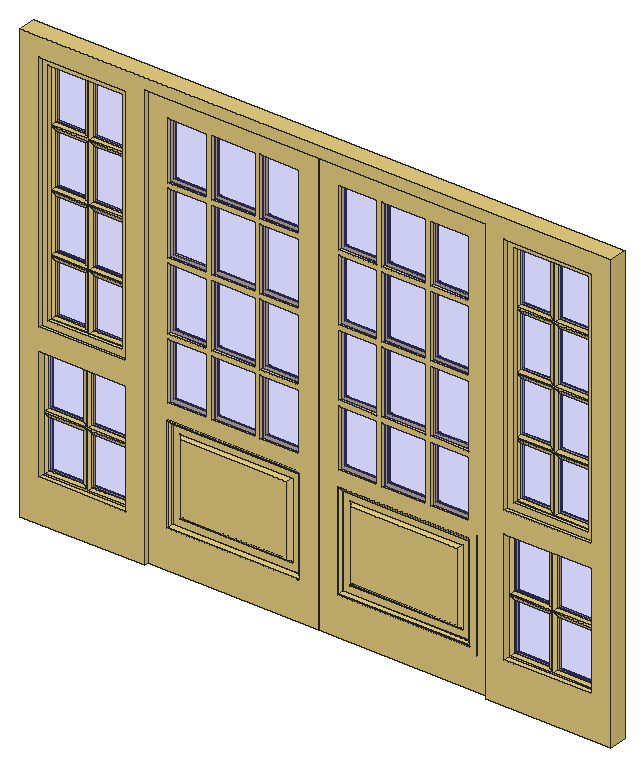
Revit family "DTI_A3-2100X2837-Cottage-L12RP", category Doors, host Wall, Revit 2016
Family settings
  Host = Wall
  Always vertical = Yes
  Cut with Voids When Loaded = No
  Shared = No
  Room Calculation Point = No
Parameters (values of type "2100 x 2837 Cottage Pane - L12RP")
  URL = "http://www.kparkerjoinery.co.za/"
  Side Width = 90 mm
  Panel Width = Width - 1200 mm  # 1637 mm
  Panel Height = Height - Frame Width  # 2045 mm
  Model = "Side Light Doors"
  Manufacturer Code = "Cottage Pane - L12RP"
  Manufacturer = "K. Parker Joinery"
  Height = 2100 mm
  Wall Closure = By host
  Width = 2837 mm
  Half = Panel Width / 2  # 818.5 mm
  Glass Material = Glass
  Function = Interior
  Frame Width = 55 mm
  Frame Thickness = 85 mm
  Frame Material = Kiln Dried Wood
  Assembly Code = "B2030130"
Reference planes
  plane 1 "Center": y = 0
  plane 2 "Center (Left/Right)": x = 0
  plane 3 "Left": x = -1418.5
  plane 4 "Right": x = 1418.5
  plane 5: z = 2100
  plane 6 "Exterior": y = 75
  plane 7 "Interior": y = -75
  plane 8: x = 818.5
  plane 9: x = -818.5
  plane 10: z = 742
  plane 11: z = 471
  plane 12: z = 200
  plane 13: z = 1989
  plane 14: x = 1307.5
  plane 15: x = 1118.5
  plane 16: z = 868
  plane 17: z = 1708.75
  plane 18: x = 929.5
  plane 19: z = 1428.5
  plane 20: z = 1148.25
  plane 21: x = -1307.5
  plane 22: x = -1118.5
  plane 23: x = -929.5
Forms (mm)
  Sweep 1, solid, material "Kiln Dried Wood" <- "Frame Material"
    path origin (0, 0, 0) x (1, 0, 0) y (0, 0, 1)
      loop
        line (818.5, 2100) -> (-818.5, 2100)
    profile origin (0, 0, 2100) x (0, 0, -1) y (0, -1, 0)
      loop
        line (0, -42.5) -> (55, -42.5) -> (55, 42.5) -> (0, 42.5) -> (0, -42.5)
  Sweep 2, solid, material "Kiln Dried Wood" <- "Frame Material"
    path origin (0, 0, 0) x (1, 0, 0) y (0, 0, 1)
      loop
        line (818.5, 0) -> (818.5, 2100) -> (1418.5, 2100) -> (1418.5, 0)
    profile origin (818.5, 0, 1050) x (-1, 0, 0) y (0, -1, 0)
      loop
        line (0, -42.5) -> (0, 42.5) -> (-90, 42.5) -> (-90, -42.5) -> (0, -42.5)
  Sweep 3, solid, material "Kiln Dried Wood" <- "Frame Material"
    path origin (0, 0, 0) x (1, 0, 0) y (0, 0, 1)
      loop
        line (-1418.5, 0) -> (-1418.5, 2100) -> (-818.5, 2100) -> (-818.5, 0)
    profile origin (-818.5, 0, 1050) x (0, -1, 0) y (1, 0, 0)
      loop
        line (-42.5, -90) -> (42.5, -90) -> (42.5, 0) -> (-42.5, 0) -> (-42.5, -90)
  Sweep 4, solid, material "Kiln Dried Wood" <- "Frame Material"
    path origin (0, 0, 0) x (1, 0, 0) y (0, 0, 1)
      loop
        line (1418.5, 0) -> (818.5, 0)
    profile origin (1118.5, 0, 0) x (0, 0, -1) y (0, -1, 0)
      loop
        line (-200, -42.5) -> (0, -42.5) -> (0, 42.5) -> (-200, 42.5) -> (-200, -42.5)
  Sweep 5, solid, material "Kiln Dried Wood" <- "Frame Material"
    path origin (0, 0, 0) x (-1, 0, 0) y (0, 0, 1)
      loop
        line (1418.5, 0) -> (818.5, 0)
    profile origin (-1118.5, 0, 0) x (0, 0, -1) y (0, 1, 0)
      loop
        line (-200, 42.5) -> (-200, -42.5) -> (0, -42.5) -> (0, 42.5) -> (-200, 42.5)
  Sweep 6, solid, material "Kiln Dried Wood" <- "Frame Material"
    path origin (0, 0, 0) x (1, 0, 0) y (0, 0, 1)
      loop
        line (1418.5, 742) -> (818.5, 742)
    profile origin (1118.5, 0, 742) x (0, 0, -1) y (0, -1, 0)
      loop
        line (-105, -42.5) -> (0, -42.5) -> (0, 42.5) -> (-105, 42.5) -> (-105, -42.5)
  Sweep 7, solid, material "Kiln Dried Wood" <- "Frame Material"
    path origin (0, 0, 0) x (-1, 0, 0) y (0, 0, 1)
      loop
        line (1418.5, 742) -> (818.5, 742)
    profile origin (-1118.5, 0, 742) x (0, 0, -1) y (0, 1, 0)
      loop
        line (-105, 42.5) -> (-105, -42.5) -> (0, -42.5) -> (0, 42.5) -> (-105, 42.5)
  Sweep 8, solid, material "Kiln Dried Wood" <- "Frame Material"
    path origin (0, 0, 0) x (1, 0, 0) y (0, 0, 1)
      loop
        line (1328.5, 742) -> (908.5, 742) -> (908.5, 200) -> (1328.5, 200) -> (1328.5, 742)
    profile "Side Light 1 : Side Light 1" origin (1118.5, 0, 742) x (0, 0, -1) y (0, -1, 0)
      loop
        line (0, -15) -> (5, -15) -> (21.783, -9.035) -> (21.783, -4.035) -> (11.783, -4.035) -> (11.783, 4.035) -> (21.783, 4.035) -> (21.783, 9.035) -> (5, 15) -> (0, 15) -> (0, -15)
  Extrusion 9, solid, material "Glass" <- "Glass Material"
    sketch origin (0, 0, 0) x (1, 0, 0) y (0, 1, 0)
      loop
        line (920.283, 4.035) -> (920.283, -4.035) -> (1316.717, -4.035) -> (1316.717, 4.035) -> (920.283, 4.035)
    from 211.783 to 730.217
  Sweep 10, solid, material "Kiln Dried Wood" <- "Frame Material"
    path origin (0, 0, 0) x (1, 0, 0) y (0, 0, 1)
      loop
        line (-908.5, 742) -> (-1328.5, 742) -> (-1328.5, 200) -> (-908.5, 200) -> (-908.5, 742)
    profile "Side Light 1 : Side Light 1" origin (-1118.5, 0, 742) x (0, 0, -1) y (0, -1, 0)
      loop
        line (0, -15) -> (5, -15) -> (21.783, -9.035) -> (21.783, -4.035) -> (11.783, -4.035) -> (11.783, 4.035) -> (21.783, 4.035) -> (21.783, 9.035) -> (5, 15) -> (0, 15) -> (0, -15)
  Extrusion 11, solid, material "Glass" <- "Glass Material"
    sketch origin (0, 0, 0) x (1, 0, 0) y (0, 1, 0)
      loop
        line (-1316.717, 4.035) -> (-1316.717, -4.035) -> (-920.283, -4.035) -> (-920.283, 4.035) -> (-1316.717, 4.035)
    from 211.783 to 730.217
  Sweep 12, solid, material "Kiln Dried Wood" <- "Frame Material"
    path origin (0, 0, 0) x (1, 0, 0) y (0, 0, 1)
      loop
        line (1328.5, 2010) -> (908.5, 2010) -> (908.5, 847) -> (1328.5, 847) -> (1328.5, 2010)
    profile "Side Light 2 : Side Light 2" origin (1118.5, 0, 2010) x (0, 0, -1) y (0, -1, 0)
      loop
        line (21, 4.953) -> (21, -25.047) -> (29.217, -25.047) -> (46, -19.082) -> (46, -14.082) -> (36, -14.082) -> (36, -6.013) -> (46, -6.013) -> (46, -1.013) -> (29.217, 4.953) -> (21, 4.953)
      loop
        line (0, -25) -> (20, -25) -> (20, 5.953) -> (30, 5.953) -> (30, 25) -> (0, 25) -> (0, -25)
  Sweep 13, solid, material "Kiln Dried Wood" <- "Frame Material"
    path origin (0, 0, 0) x (1, 0, 0) y (0, 0, 1)
      loop
        line (-908.5, 2010) -> (-1328.5, 2010) -> (-1328.5, 847) -> (-908.5, 847) -> (-908.5, 2010)
    profile "Side Light 2 : Side Light 2" origin (-1118.5, 0, 2010) x (0, 0, -1) y (0, -1, 0)
      loop
        line (21, 4.953) -> (21, -25.047) -> (29.217, -25.047) -> (46, -19.082) -> (46, -14.082) -> (36, -14.082) -> (36, -6.013) -> (46, -6.013) -> (46, -1.013) -> (29.217, 4.953) -> (21, 4.953)
      loop
        line (0, -25) -> (20, -25) -> (20, 5.953) -> (30, 5.953) -> (30, 25) -> (0, 25) -> (0, -25)
  Extrusion 14, solid, material "Glass" <- "Glass Material"
    sketch origin (0, 0, 0) x (1, 0, 0) y (0, 1, 0)
      loop
        line (-1292.5, 14.082) -> (-1292.5, 6.013) -> (-944.5, 6.013) -> (-944.5, 14.082) -> (-1292.5, 14.082)
      loop
        line (944.5, 14.082) -> (944.5, 6.013) -> (1292.5, 6.013) -> (1292.5, 14.082) -> (944.5, 14.082)
    from 883 to 1974
  Sweep 15, solid, material "Kiln Dried Wood" <- "Frame Material"
    path origin (0, 0, 0) x (1, 0, 0) y (0, 0, 1)
      loop
        line (1328.5, 471) -> (908.5, 471)
    profile "Side Light S 1 : Side Light S 1" origin (1118.5, 0, 471) x (0, 0, -1) y (0, -1, 0)
      loop
        line (-19.283, -9.035) -> (-2.5, -15) -> (2.5, -15) -> (19.283, -9.035) -> (19.283, -4.035) -> (9.283, -4.035) -> (9.283, 4.035) -> (19.283, 4.035) -> (19.283, 9.035) -> (2.5, 15) -> (-2.5, 15) -> (-19.283, 9.035) -> (-19.283, 4.035) -> (-9.283, 4.035) -> (-9.283, -4.035) -> (-19.283, -4.035) -> (-19.283, -9.035)
  Sweep 16, solid, material "Kiln Dried Wood" <- "Frame Material"
    path origin (444, 0, 1386) x (0, 0, -1) y (1, 0, 0)
      loop
        line (1186, 674.5) -> (644, 674.5)
    profile "Side Light S 1 : Side Light S 1" origin (1118.5, 0, 471) x (-1, 0, 0) y (0, -1, 0)
      loop
        line (-19.283, -9.035) -> (-2.5, -15) -> (2.5, -15) -> (19.283, -9.035) -> (19.283, -4.035) -> (9.283, -4.035) -> (9.283, 4.035) -> (19.283, 4.035) -> (19.283, 9.035) -> (2.5, 15) -> (-2.5, 15) -> (-19.283, 9.035) -> (-19.283, 4.035) -> (-9.283, 4.035) -> (-9.283, -4.035) -> (-19.283, -4.035) -> (-19.283, -9.035)
  Sweep 17, solid, material "Kiln Dried Wood" <- "Frame Material"
    path origin (0, 0, 0) x (-1, 0, 0) y (0, 0, 1)
      loop
        line (1328.5, 471) -> (908.5, 471)
    profile "Side Light S 1 : Side Light S 1" origin (-1118.5, 0, 471) x (0, 0, -1) y (0, 1, 0)
      loop
        line (19.283, -9.035) -> (19.283, -4.035) -> (9.283, -4.035) -> (9.283, 4.035) -> (19.283, 4.035) -> (19.283, 9.035) -> (2.5, 15) -> (-2.5, 15) -> (-19.283, 9.035) -> (-19.283, 4.035) -> (-9.283, 4.035) -> (-9.283, -4.035) -> (-19.283, -4.035) -> (-19.283, -9.035) -> (-2.5, -15) -> (2.5, -15) -> (19.283, -9.035)
  Sweep 18, solid, material "Kiln Dried Wood" <- "Frame Material"
    path origin (-444, 0, 1386) x (0, 0, -1) y (-1, 0, 0)
      loop
        line (1186, 674.5) -> (644, 674.5)
    profile "Side Light S 1 : Side Light S 1" origin (-1118.5, 0, 471) x (1, 0, 0) y (0, 1, 0)
      loop
        line (19.283, -9.035) -> (19.283, -4.035) -> (9.283, -4.035) -> (9.283, 4.035) -> (19.283, 4.035) -> (19.283, 9.035) -> (2.5, 15) -> (-2.5, 15) -> (-19.283, 9.035) -> (-19.283, 4.035) -> (-9.283, 4.035) -> (-9.283, -4.035) -> (-19.283, -4.035) -> (-19.283, -9.035) -> (-2.5, -15) -> (2.5, -15) -> (19.283, -9.035)
  Sweep 19, solid, material "Kiln Dried Wood" <- "Frame Material"
    path origin (0, 0, 0) x (1, 0, 0) y (0, 0, 1)
      loop
        line (-929.5, 1148.25) -> (-1307.5, 1148.25)
    profile "Side Light S 2 : Side Light S 2" origin (-1118.5, 0, 1148.25) x (0, 0, -1) y (0, -1, 0)
      loop
        line (2.5, -25.043) -> (19.283, -19.078) -> (19.283, -14.078) -> (9.283, -14.078) -> (9.283, -6.008) -> (19.283, -6.008) -> (19.283, -1.008) -> (2.5, 4.957) -> (-2.5, 4.957) -> (-19.283, -1.008) -> (-19.283, -6.008) -> (-9.283, -6.008) -> (-9.283, -14.078) -> (-19.283, -14.078) -> (-19.283, -19.078) -> (-2.5, -25.043) -> (2.5, -25.043)
  Sweep 20, solid, material "Kiln Dried Wood" <- "Frame Material"
    path origin (-2063.25, 0, 233.25) x (0, 0, -1) y (1, 0, 0)
      loop
        line (-634.75, 944.75) -> (-1755.75, 944.75)
    profile "Side Light S 2 : Side Light S 2" origin (-1118.5, 0, 1428.5) x (-1, 0, 0) y (0, -1, 0)
      loop
        line (2.5, -25.043) -> (19.283, -19.078) -> (19.283, -14.078) -> (9.283, -14.078) -> (9.283, -6.008) -> (19.283, -6.008) -> (19.283, -1.008) -> (2.5, 4.957) -> (-2.5, 4.957) -> (-19.283, -1.008) -> (-19.283, -6.008) -> (-9.283, -6.008) -> (-9.283, -14.078) -> (-19.283, -14.078) -> (-19.283, -19.078) -> (-2.5, -25.043) -> (2.5, -25.043)
  Sweep 21, solid, material "Kiln Dried Wood" <- "Frame Material"
    path origin (0, 0, 280.25) x (1, 0, 0) y (0, 0, 1)
      loop
        line (-929.5, 1148.25) -> (-1307.5, 1148.25)
    profile "Side Light S 2 : Side Light S 2" origin (-1118.5, 0, 1428.5) x (0, 0, -1) y (0, -1, 0)
      loop
        line (2.5, -25.043) -> (19.283, -19.078) -> (19.283, -14.078) -> (9.283, -14.078) -> (9.283, -6.008) -> (19.283, -6.008) -> (19.283, -1.008) -> (2.5, 4.957) -> (-2.5, 4.957) -> (-19.283, -1.008) -> (-19.283, -6.008) -> (-9.283, -6.008) -> (-9.283, -14.078) -> (-19.283, -14.078) -> (-19.283, -19.078) -> (-2.5, -25.043) -> (2.5, -25.043)
  Sweep 22, solid, material "Kiln Dried Wood" <- "Frame Material"
    path origin (0, 0, 560.5) x (1, 0, 0) y (0, 0, 1)
      loop
        line (-929.5, 1148.25) -> (-1307.5, 1148.25)
    profile "Side Light S 2 : Side Light S 2" origin (-1118.5, 0, 1708.75) x (0, 0, -1) y (0, -1, 0)
      loop
        line (2.5, -25.043) -> (19.283, -19.078) -> (19.283, -14.078) -> (9.283, -14.078) -> (9.283, -6.008) -> (19.283, -6.008) -> (19.283, -1.008) -> (2.5, 4.957) -> (-2.5, 4.957) -> (-19.283, -1.008) -> (-19.283, -6.008) -> (-9.283, -6.008) -> (-9.283, -14.078) -> (-19.283, -14.078) -> (-19.283, -19.078) -> (-2.5, -25.043) -> (2.5, -25.043)
  Sweep 23, solid, material "Kiln Dried Wood" <- "Frame Material"
    path origin (1860, 0, 0) x (1, 0, 0) y (0, 0, 1)
      loop
        line (-552.5, 1148.25) -> (-930.5, 1148.25)
    profile "Side Light S 2 : Side Light S 2" origin (1118.5, 0, 1148.25) x (0, 0, -1) y (0, -1, 0)
      loop
        line (2.5, -25.043) -> (19.283, -19.078) -> (19.283, -14.078) -> (9.283, -14.078) -> (9.283, -6.008) -> (19.283, -6.008) -> (19.283, -1.008) -> (2.5, 4.957) -> (-2.5, 4.957) -> (-19.283, -1.008) -> (-19.283, -6.008) -> (-9.283, -6.008) -> (-9.283, -14.078) -> (-19.283, -14.078) -> (-19.283, -19.078) -> (-2.5, -25.043) -> (2.5, -25.043)
  Sweep 24, solid, material "Kiln Dried Wood" <- "Frame Material"
    path origin (-203.25, 0, 233.25) x (0, 0, -1) y (1, 0, 0)
      loop
        line (-634.75, 1321.75) -> (-1755.75, 1321.75)
    profile "Side Light S 2 : Side Light S 2" origin (1118.5, 0, 1428.5) x (-1, 0, 0) y (0, -1, 0)
      loop
        line (2.5, -25.043) -> (19.283, -19.078) -> (19.283, -14.078) -> (9.283, -14.078) -> (9.283, -6.008) -> (19.283, -6.008) -> (19.283, -1.008) -> (2.5, 4.957) -> (-2.5, 4.957) -> (-19.283, -1.008) -> (-19.283, -6.008) -> (-9.283, -6.008) -> (-9.283, -14.078) -> (-19.283, -14.078) -> (-19.283, -19.078) -> (-2.5, -25.043) -> (2.5, -25.043)
  Sweep 25, solid, material "Kiln Dried Wood" <- "Frame Material"
    path origin (1860, 0, 280.25) x (1, 0, 0) y (0, 0, 1)
      loop
        line (-552.5, 1148.25) -> (-930.5, 1148.25)
    profile "Side Light S 2 : Side Light S 2" origin (1118.5, 0, 1428.5) x (0, 0, -1) y (0, -1, 0)
      loop
        line (2.5, -25.043) -> (19.283, -19.078) -> (19.283, -14.078) -> (9.283, -14.078) -> (9.283, -6.008) -> (19.283, -6.008) -> (19.283, -1.008) -> (2.5, 4.957) -> (-2.5, 4.957) -> (-19.283, -1.008) -> (-19.283, -6.008) -> (-9.283, -6.008) -> (-9.283, -14.078) -> (-19.283, -14.078) -> (-19.283, -19.078) -> (-2.5, -25.043) -> (2.5, -25.043)
  Sweep 26, solid, material "Kiln Dried Wood" <- "Frame Material"
    path origin (1860, 0, 560.5) x (1, 0, 0) y (0, 0, 1)
      loop
        line (-552.5, 1148.25) -> (-930.5, 1148.25)
    profile "Side Light S 2 : Side Light S 2" origin (1118.5, 0, 1708.75) x (0, 0, -1) y (0, -1, 0)
      loop
        line (2.5, -25.043) -> (19.283, -19.078) -> (19.283, -14.078) -> (9.283, -14.078) -> (9.283, -6.008) -> (19.283, -6.008) -> (19.283, -1.008) -> (2.5, 4.957) -> (-2.5, 4.957) -> (-19.283, -1.008) -> (-19.283, -6.008) -> (-9.283, -6.008) -> (-9.283, -14.078) -> (-19.283, -14.078) -> (-19.283, -19.078) -> (-2.5, -25.043) -> (2.5, -25.043)
Cuts and joins
  joined: Sweep 1, Sweep 2, Sweep 3, Sweep 4, Sweep 5, Sweep 6, Sweep 7
  joined: Sweep 8, Sweep 15, Sweep 16
  joined: Sweep 10, Sweep 17, Sweep 18
  joined: Sweep 12, Sweep 23, Sweep 24, Sweep 25, Sweep 26
  joined: Sweep 13, Sweep 19, Sweep 20, Sweep 21, Sweep 22
Lines and regions (mm)
  Opening 1
    outline origin (-3050, -75, 0) x (1, 0, 0) y (0, 0, 1)
      loop
        line (1631.5, 0) -> (4468.5, 0) -> (4468.5, 2100) -> (1631.5, 2100) -> (1631.5, 0)
  symbolic lines, style "Elevation Swing"
    curve 1: line (1328.5, 0, 2010) -> (908.5, 0, 1428.5)
    curve 2: line (1328.5, 0, 847) -> (908.5, 0, 1428.5)
    curve 3: line (-1328.5, 0, 2010) -> (-908.5, 0, 1428.5)
    curve 4: line (-1328.5, 0, 847) -> (-908.5, 0, 1428.5)
    curve 5: line (818.5, 0, 2045) -> (0, 0, 1022.5)
    curve 6: line (0, 0, 1022.5) -> (818.5, 0, 0)
    curve 7: line (-818.5, 0, 2045) -> (0, 0, 1022.5)
    curve 8: line (-818.5, 0, 0) -> (0, 0, 1022.5)
  symbolic lines, style "Plan Swing"
    curve 9: line (-818.5, 22, 0) -> (-774.5, 22, 0)
    curve 10: line (-818.5, 840.5, 0) -> (-818.5, 22, 0)
    curve 11: line (-774.5, 840.5, 0) -> (-818.5, 840.5, 0)
    curve 12: line (-774.5, 22, 0) -> (-774.5, 840.5, 0)
    curve 13: line (818.5, 22, 0) -> (774.5, 22, 0)
    curve 14: line (818.5, 840.5, 0) -> (818.5, 22, 0)
    curve 15: line (774.5, 840.5, 0) -> (818.5, 840.5, 0)
    curve 16: line (774.5, 22, 0) -> (774.5, 840.5, 0)
    curve 17: arc (-818.5, 840.5, 0) -> (-239.733, 600.767, 0) -> (0, 22, 0) r 818.5
    curve 18: arc (818.5, 840.5, 0) -> (239.733, 600.767, 0) -> (0, 22, 0) r 818.5
Text (mm)
  text "Exterior" at (-2295.016, 1099.543, 0), in view "Ref. Level"
  text "Exterior" at (0, 1615.38, 3698.081), in view "Left"
  text "Exterior" at (0, 1036.032, 3874.932), in view "Right"
Dimensions and locks
  equal spacing: plane 3 "Left", plane 2 "Center (Left/Right)", plane 4 "Right"
  "Width": plane 3 "Left" to plane 4 "Right"
  "Height": plane 5 to host wall
  locked: plane 6 "Exterior" to host wall at 0
  locked: plane 7 "Interior" to host wall
  locked: plane 8 to plane 4 "Right" at 600
  locked: plane 9 to plane 3 "Left" at 600
  "Frame Width": Sweep 1 sketch curve to Sweep 1 sketch curve
  equal spacing: Sweep 1 sketch curve, profile plane, Sweep 1 sketch curve
  "Frame Thickness": Sweep 1 sketch curve to Sweep 1 sketch curve
  "Side Width": Sweep 2 sketch curve to Sweep 2 sketch curve
  equal spacing: Sweep 2 sketch curve, profile plane, Sweep 2 sketch curve
  "Frame Thickness": Sweep 2 sketch curve to Sweep 2 sketch curve
  equal spacing: Sweep 3 sketch curve, profile plane, Sweep 3 sketch curve
  "Frame Thickness": Sweep 3 sketch curve to Sweep 3 sketch curve
  "Side Width": Sweep 3 sketch curve to Sweep 3 sketch curve
  locked: Sweep 4 sketch curve to Sweep 4 sketch curve at 200
  locked: Sweep 5 sketch curve to Sweep 5 sketch curve at 200
  locked: level to plane 10 at 742
  locked: Sweep 6 sketch curve to Sweep 6 sketch curve at 105
  locked: Sweep 7 sketch curve to Sweep 7 sketch curve at 105
  equal spacing: plane 12, plane 11, plane 10
  locked: plane 10 to plane 16 at 126
  locked: plane 13 to plane 5 at 111
  locked: plane 4 "Right" to plane 14 at 111
  equal spacing: plane 8, plane 15, plane 4 "Right"
  locked: plane 8 to plane 18 at 111
  locked: plane 3 "Left" to plane 21 at 111
  equal spacing: plane 9, plane 22, plane 3 "Left"
  locked: plane 9 to plane 23 at 111
  equal spacing: plane 16, plane 20, plane 19, plane 17, plane 13
  "Half": curve 11 to curve 9
  aligned and locked: plane 3 "Left" to Opening 1 sketch curve
  aligned and locked: plane 5 to Opening 1 sketch curve  (x2)
  aligned and locked: Opening 1 sketch curve to plane 4 "Right"
  aligned and locked: Opening 1 sketch curve to level
  aligned and locked: plane 1 "Center" to host wall
  aligned and locked: plane 5 to Sweep 1 sketch curve
  aligned and locked: Sweep 1 sketch curve to profile plane
  aligned and locked: level to Sweep 2 sketch curve  (x2)
  aligned and locked: Sweep 2 sketch curve to plane 8
  aligned and locked: profile plane to Sweep 2 sketch curve
  aligned and locked: level to Sweep 3 sketch curve  (x2)
  aligned and locked: Sweep 3 sketch curve to plane 9
  aligned and locked: profile plane to Sweep 3 sketch curve
  aligned and locked: plane 8 to Sweep 1 sketch curve
  aligned and locked: plane 9 to Sweep 1 sketch curve
  aligned and locked: plane 5 to Sweep 2 sketch curve
  aligned and locked: Sweep 2 sketch curve to plane 4 "Right"
  aligned and locked: plane 5 to Sweep 3 sketch curve
  aligned and locked: Sweep 3 sketch curve to plane 3 "Left"
  aligned and locked: plane 4 "Right" to Sweep 4 sketch curve
  aligned and locked: plane 8 to Sweep 4 sketch curve
  aligned and locked: Sweep 4 sketch curve to level
  aligned and locked: profile plane to Sweep 4 sketch curve
  aligned and locked: Sweep 4 sketch curve to cut or joined group of Sweep 1, Sweep 2, Sweep 3, Sweep 4, Sweep 5, Sweep 6, Sweep 7  (x2)
  aligned and locked: profile plane to Sweep 5 sketch curve
  aligned and locked: plane 9 to Sweep 5 sketch curve
  aligned and locked: plane 3 "Left" to Sweep 5 sketch curve
  aligned and locked: level to Sweep 5 sketch curve
  aligned and locked: Sweep 5 sketch curve to cut or joined group of Sweep 1, Sweep 2, Sweep 3, Sweep 4, Sweep 5, Sweep 6, Sweep 7  (x2)
  aligned and locked: plane 4 "Right" to Sweep 6 sketch curve
  aligned and locked: plane 8 to Sweep 6 sketch curve
  aligned and locked: Sweep 6 sketch curve to plane 10
  aligned and locked: profile plane to Sweep 6 sketch curve
  aligned and locked: Sweep 6 sketch curve to cut or joined group of Sweep 1, Sweep 2, Sweep 3, Sweep 4, Sweep 5, Sweep 6, Sweep 7  (x2)
  aligned and locked: profile plane to Sweep 7 sketch curve
  aligned and locked: plane 9 to Sweep 7 sketch curve
  aligned and locked: plane 3 "Left" to Sweep 7 sketch curve
  aligned and locked: plane 10 to Sweep 7 sketch curve
  aligned and locked: Sweep 7 sketch curve to cut or joined group of Sweep 1, Sweep 2, Sweep 3, Sweep 4, Sweep 5, Sweep 6, Sweep 7  (x2)
  aligned and locked: cut or joined group of Sweep 1, Sweep 2, Sweep 3, Sweep 4, Sweep 5, Sweep 6, Sweep 7 to Sweep 8 sketch curve  (x2)
  aligned and locked: Sweep 8 sketch curve to cut or joined group of Sweep 1, Sweep 2, Sweep 3, Sweep 4, Sweep 5, Sweep 6, Sweep 7  (x2)
  aligned and locked: Sweep 8 to Extrusion 9 sketch curve
  aligned and locked: Extrusion 9 sketch curve to Sweep 8  (x3)
  aligned and locked: Extrusion 9 to Sweep 8  (x2)
  aligned and locked: cut or joined group of Sweep 1, Sweep 2, Sweep 3, Sweep 4, Sweep 5, Sweep 6, Sweep 7 to Sweep 10 sketch curve  (x3)
  aligned and locked: Sweep 10 sketch curve to cut or joined group of Sweep 1, Sweep 2, Sweep 3, Sweep 4, Sweep 5, Sweep 6, Sweep 7
  aligned and locked: Sweep 10 to Extrusion 11 sketch curve
  aligned and locked: Extrusion 11 sketch curve to Sweep 10  (x3)
  aligned and locked: Extrusion 11 to Sweep 8  (x2)
  aligned and locked: cut or joined group of Sweep 1, Sweep 2, Sweep 3, Sweep 4, Sweep 5, Sweep 6, Sweep 7 to Sweep 12 sketch curve  (x3)
  aligned and locked: Sweep 12 sketch curve to cut or joined group of Sweep 1, Sweep 2, Sweep 3, Sweep 4, Sweep 5, Sweep 6, Sweep 7
  aligned and locked: cut or joined group of Sweep 1, Sweep 2, Sweep 3, Sweep 4, Sweep 5, Sweep 6, Sweep 7 to Sweep 13 sketch curve  (x2)
  aligned and locked: Sweep 13 sketch curve to cut or joined group of Sweep 1, Sweep 2, Sweep 3, Sweep 4, Sweep 5, Sweep 6, Sweep 7  (x2)
  aligned and locked: Sweep 13 to Extrusion 14 sketch curve
  aligned and locked: Extrusion 14 sketch curve to Sweep 13  (x3)
  aligned and locked: Sweep 12 to Extrusion 14 sketch curve
  aligned and locked: Extrusion 14 sketch curve to Sweep 12  (x3)
  aligned and locked: Extrusion 14 to Sweep 12  (x2)
  aligned and locked: curve 1 to cut or joined group of Sweep 1, Sweep 2, Sweep 3, Sweep 4, Sweep 5, Sweep 6, Sweep 7
  aligned and locked: cut or joined group of Sweep 1, Sweep 2, Sweep 3, Sweep 4, Sweep 5, Sweep 6, Sweep 7 to curve 1
  aligned and locked: curve 2 to cut or joined group of Sweep 1, Sweep 2, Sweep 3, Sweep 4, Sweep 5, Sweep 6, Sweep 7
  aligned and locked: cut or joined group of Sweep 1, Sweep 2, Sweep 3, Sweep 4, Sweep 5, Sweep 6, Sweep 7 to curve 3
  aligned and locked: curve 3 to cut or joined group of Sweep 1, Sweep 2, Sweep 3, Sweep 4, Sweep 5, Sweep 6, Sweep 7
  aligned and locked: curve 4 to cut or joined group of Sweep 1, Sweep 2, Sweep 3, Sweep 4, Sweep 5, Sweep 6, Sweep 7
  aligned and locked: cut or joined group of Sweep 1, Sweep 2, Sweep 3, Sweep 4, Sweep 5, Sweep 6, Sweep 7 to Sweep 15 sketch curve  (x2)
  aligned and locked: Sweep 15 sketch curve to plane 11
  aligned and locked: Sweep 8 to Sweep 16 sketch curve  (x2)
  aligned and locked: cut or joined group of Sweep 1, Sweep 2, Sweep 3, Sweep 4, Sweep 5, Sweep 6, Sweep 7 to Sweep 17 sketch curve  (x2)
  aligned and locked: plane 11 to Sweep 17 sketch curve
  aligned and locked: Sweep 10 to Sweep 18 sketch curve  (x2)
  aligned and locked: Sweep 18 sketch curve to plane 22
  aligned and locked: plane 23 to Sweep 19 sketch curve
  aligned and locked: Sweep 19 sketch curve to plane 21
  aligned and locked: Sweep 19 sketch curve to plane 20
  aligned and locked: plane 23 to Sweep 21 sketch curve
  aligned and locked: Sweep 21 sketch curve to plane 21
  aligned and locked: Sweep 21 sketch curve to plane 19
  aligned and locked: plane 23 to Sweep 22 sketch curve
  aligned and locked: Sweep 22 sketch curve to plane 21
  aligned and locked: Sweep 22 sketch curve to plane 17
  aligned and locked: plane 13 to Sweep 20 sketch curve
  aligned and locked: plane 16 to Sweep 20 sketch curve
  aligned and locked: Sweep 20 sketch curve to plane 22
  aligned and locked: Sweep 23 sketch curve to plane 18
  aligned and locked: plane 14 to Sweep 23 sketch curve
  aligned and locked: Sweep 23 sketch curve to plane 20
  aligned and locked: plane 13 to Sweep 24 sketch curve
  aligned and locked: plane 16 to Sweep 24 sketch curve
  aligned and locked: plane 15 to Sweep 24 sketch curve
  aligned and locked: plane 14 to Sweep 25 sketch curve
  aligned and locked: Sweep 25 sketch curve to plane 18
  aligned and locked: Sweep 25 sketch curve to plane 19
  aligned and locked: Sweep 26 sketch curve to plane 18
  aligned and locked: plane 14 to Sweep 26 sketch curve
  aligned and locked: Sweep 26 sketch curve to plane 17
  aligned and locked: nested 1 to plane 2 "Center (Left/Right)"
  aligned and locked: nested 1 to plane 1 "Center"
  aligned and locked: curve 11 to curve 15
Automatic sketch dimensions
  Sweep 16 sketch curve to plane 15 = 0 mm
  curve 7 to plane 9 = 0 mm
  curve 8 to level = 0 mm
  curve 8 to plane 9 = 0 mm
  curve 8 to plane 2 "Center (Left/Right)" = 0 mm
  curve 5 to plane 8 = 0 mm
  curve 6 to level = 0 mm
  curve 6 to plane 8 = 0 mm
  curve 3 to plane 19 = 0 mm
  curve 1 to plane 19 = 0 mm
  plane 16 to curve 2 = 21 mm
  plane 16 to curve 4 = 21 mm
  curve 5 to plane 20 = 125.75 mm
  curve 3 to plane 13 = 21 mm
  curve 1 to plane 13 = 21 mm
  plane 5 to curve 5 = 55 mm
  plane 5 to curve 7 = 55 mm
  curve 17 to plane 2 "Center (Left/Right)" = 0 mm
  curve 18 to plane 2 "Center (Left/Right)" = 0 mm
  curve 18 to plane 8 = 0 mm
  curve 12 to plane 9 = 44 mm
  curve 15 to plane 8 = 44 mm
  curve 9 to host wall = 22 mm
  curve 16 to host wall = 22 mm
Nested families
  nested 1: "L12RP - Double" at (0, 0, 0) x (-1, 0, 0) z (0, 0, 1), type "L12RP - Double", detail levels medium+fine
    with Width 1637 mm, Height 2045 mm
Definition of nested family "L12RP - Double"
  Parameters
    Width = 1613 mm
    Height = 2032 mm
    Glass Material = none
    Frame Material = none
  Reference planes
    plane 1 "Center (Front/Back)": y = 0
    plane 2: z = 0
    plane 3 "Center (Left/Right)": x = 0
    plane 4: x = -806.5
    plane 5: x = 806.5
    plane 6: z = 2032
    plane 7: z = 1972
    plane 8: z = 155
    plane 9: z = 1354.667
    plane 10: z = 677.333
    plane 11: z = 682.583
    plane 12: z = 672.083
    plane 13: x = -746.5
    plane 14: x = -60
    plane 15: x = 60
    plane 16: x = 746.5
    plane 17: x = -517.667
    plane 18: z = 1004.938
    plane 19: x = 517.667
    plane 20: z = 1327.292
    plane 21: z = 1649.646
    plane 22: x = -288.833
    plane 23: x = 288.833
  Forms (mm)
    Sweep 1, solid, material <- "Frame Material"
      path origin (0, 0, 0) x (1, 0, 0) y (0, 0, 1)
        loop
          line (-806.5, 0) -> (0, 0)
      profile "Solid B : Solid B" origin (-403.25, 0, 0) x (0, 0, 1) y (0, -1, 0)
        loop
          line (0, -22) -> (185, -22) -> (185, -20) -> (200, -11) -> (200, -6) -> (155, -6) -> (155, 6) -> (200, 6) -> (200, 11) -> (185, 20) -> (185, 22) -> (0, 22) -> (0, -22)
    Sweep 2, solid, material <- "Frame Material"
      path origin (0, 0, 0) x (1, 0, 0) y (0, 0, 1)
        loop
          line (-806.5, 677.333) -> (-806.5, 2032) -> (0, 2032) -> (0, 677.333)
      profile "Glass T : Glass T" origin (-403.25, 0, 2032) x (0, 0, 1) y (0, -1, 0)
        loop
          line (0, -22) -> (0, 22) -> (-95, 22) -> (-95, 20)
          arc (-95, 20) -> (-100.657, 17.657) -> (-103, 12) r 8
          line (-103, 12) -> (-105, 12) -> (-105, 2) -> (-60, 2) -> (-60, -10) -> (-96, -10) -> (-96, -22) -> (0, -22)
    Extrusion 3, solid, material <- "Glass Material"
      sketch origin (0, 0, 0) x (1, 0, 0) y (0, 1, 0)
        loop
          line (-746.5, 10) -> (-746.5, -2) -> (-60, -2) -> (-60, 10) -> (-746.5, 10)
      from 682.583 to 1972
    Sweep 4, solid, material <- "Frame Material"
      path origin (0, 0, 0) x (1, 0, 0) y (0, 0, 1)
        loop
          line (0, 677.333) -> (0, 2032) -> (806.5, 2032) -> (806.5, 677.333)
      profile "Glass T : Glass T" origin (403.25, 0, 2032) x (0, 0, 1) y (0, -1, 0)
        loop
          line (0, -22) -> (0, 22) -> (-95, 22) -> (-95, 20)
          arc (-95, 20) -> (-100.657, 17.657) -> (-103, 12) r 8
          line (-103, 12) -> (-105, 12) -> (-105, 2) -> (-60, 2) -> (-60, -10) -> (-96, -10) -> (-96, -22) -> (0, -22)
    Sweep 5, solid, material <- "Frame Material"
      path origin (0, 0, 0) x (1, 0, 0) y (0, 0, 1)
        loop
          line (0, 0) -> (806.5, 0)
      profile "Solid B : Solid B" origin (403.25, 0, 0) x (0, 0, 1) y (0, -1, 0)
        loop
          line (0, -22) -> (185, -22) -> (185, -20) -> (200, -11) -> (200, -6) -> (155, -6) -> (155, 6) -> (200, 6) -> (200, 11) -> (185, 20) -> (185, 22) -> (0, 22) -> (0, -22)
    Extrusion 6, solid, material <- "Glass Material"
      sketch origin (0, 0, 0) x (1, 0, 0) y (0, 1, 0)
        loop
          line (60, 10) -> (60, -2) -> (746.5, -2) -> (746.5, 10) -> (60, 10)
      from 682.583 to 1972
    Sweep 7, solid, material <- "Frame Material"
      path origin (0, 0, 0) x (1, 0, 0) y (0, 0, 1)
        loop
          line (-806.5, 677.333) -> (0, 677.333)
      profile "Glass M spec : Glass M spec" origin (-403.25, 0, 677.333) x (0, 0, 1) y (0, -1, 0)
        loop
          line (40.25, 22) -> (-35.25, 22) -> (-35.25, 20) -> (-50.25, 11) -> (-50.25, 6) -> (-5.25, 6) -> (-5.25, -6) -> (-50.25, -6) -> (-50.25, -11) -> (-35.25, -20) -> (-35.25, -22) -> (41.25, -22) -> (41.25, -10) -> (5.25, -10) -> (5.25, 2) -> (50.25, 2) -> (50.25, 12) -> (48.25, 12)
          arc (48.25, 12) -> (45.907, 17.657) -> (40.25, 20) r 8
          line (40.25, 20) -> (40.25, 22)
    Sweep 8, solid, material <- "Frame Material"
      path origin (0, 0, 0) x (1, 0, 0) y (0, 0, 1)
        loop
          line (0, 677.333) -> (806.5, 677.333)
      profile "Glass M spec : Glass M spec" origin (403.25, 0, 677.333) x (0, 0, 1) y (0, -1, 0)
        loop
          line (40.25, 22) -> (-35.25, 22) -> (-35.25, 20) -> (-50.25, 11) -> (-50.25, 6) -> (-5.25, 6) -> (-5.25, -6) -> (-50.25, -6) -> (-50.25, -11) -> (-35.25, -20) -> (-35.25, -22) -> (41.25, -22) -> (41.25, -10) -> (5.25, -10) -> (5.25, 2) -> (50.25, 2) -> (50.25, 12) -> (48.25, 12)
          arc (48.25, 12) -> (45.907, 17.657) -> (40.25, 20) r 8
          line (40.25, 20) -> (40.25, 22)
    Sweep 9, solid, material <- "Frame Material"
      path origin (0, 0, 0) x (1, 0, 0) y (0, 0, 1)
        loop
          line (-806.5, 677.333) -> (-806.5, 155)
      profile "Solid T : Solid T" origin (-806.5, 0, 416.167) x (1, 0, 0) y (0, -1, 0)
        loop
          line (0, -22) -> (90, -22) -> (90, -20) -> (105, -11) -> (105, -6) -> (60, -6) -> (60, 6) -> (105, 6) -> (105, 11) -> (90, 20) -> (90, 22) -> (0, 22) -> (0, -22)
    Sweep 10, solid, material <- "Frame Material"
      path origin (-603, 0, 0) x (-1, 0, 0) y (0, 0, 1)
        loop
          line (-603, 677.333) -> (-603, 155)
      profile "Solid T : Solid T" origin (0, 0, 416.167) x (-1, 0, 0) y (0, 1, 0)
        loop
          line (0, 22) -> (0, -22) -> (90, -22) -> (90, -20) -> (105, -11) -> (105, -6) -> (60, -6) -> (60, 6) -> (105, 6) -> (105, 11) -> (90, 20) -> (90, 22) -> (0, 22)
    Sweep 11, solid, material <- "Frame Material"
      path origin (660, 0, 0) x (1, 0, 0) y (0, 0, 1)
        loop
          line (-660, 677.333) -> (-660, 155)
      profile "Solid T : Solid T" origin (0, 0, 416.167) x (1, 0, 0) y (0, -1, 0)
        loop
          line (0, -22) -> (90, -22) -> (90, -20) -> (105, -11) -> (105, -6) -> (60, -6) -> (60, 6) -> (105, 6) -> (105, 11) -> (90, 20) -> (90, 22) -> (0, 22) -> (0, -22)
    Sweep 12, solid, material <- "Frame Material"
      path origin (0, 0, 0) x (-1, 0, 0) y (0, 0, 1)
        loop
          line (-806.5, 677.333) -> (-806.5, 155)
      profile "Solid T : Solid T" origin (806.5, 0, 416.167) x (-1, 0, 0) y (0, 1, 0)
        loop
          line (0, 22) -> (0, -22) -> (90, -22) -> (90, -20) -> (105, -11) -> (105, -6) -> (60, -6) -> (60, 6) -> (105, 6) -> (105, 11) -> (90, 20) -> (90, 22) -> (0, 22)
    Extrusion 13, solid, material <- "Frame Material"
      sketch origin (0, 0, 0) x (1, 0, 0) y (0, 1, 0)
        loop
          line (-746.5, 20) -> (-746.5, -20) -> (-60, -20) -> (-60, 20) -> (-746.5, 20)
      from 155 to 672.083
    Sweep 14, void
      path origin (0, 0, 0) x (1, 0, 0) y (0, 0, 1)
        loop
          line (-746.5, 672.083) -> (-746.5, 155) -> (-60, 155) -> (-60, 672.083) -> (-746.5, 672.083)
      profile "Void : Void" origin (-403.25, 0, 672.083) x (0, 0, 1) y (0, -1, 0)
        loop
          line (-44.95, -11) -> (-44.95, -6) -> (-78.778, -6)
          arc (-78.778, -6) -> (-88.678, -10.101) -> (-92.778, -20) r 14
          line (-92.778, -20) -> (-92.778, -27) -> (-29.95, -27) -> (-29.95, -20) -> (-44.95, -11)
        loop
          line (-44.95, 11) -> (-29.95, 20) -> (-29.95, 27) -> (-92.778, 27) -> (-92.778, 20)
          arc (-92.778, 20) -> (-88.678, 10.101) -> (-78.778, 6) r 14
          line (-78.778, 6) -> (-44.95, 6) -> (-44.95, 11)
    Extrusion 15, solid, material <- "Frame Material"
      sketch origin (0, 0, 0) x (1, 0, 0) y (0, 1, 0)
        loop
          line (60, 20) -> (60, -20) -> (746.5, -20) -> (746.5, 20) -> (60, 20)
      from 155 to 672.083
    Sweep 16, void
      path origin (0, 0, 0) x (1, 0, 0) y (0, 0, 1)
        loop
          line (60, 672.083) -> (60, 155) -> (746.5, 155) -> (746.5, 672.083) -> (60, 672.083)
      profile "Void : Void" origin (403.25, 0, 672.083) x (0, 0, 1) y (0, -1, 0)
        loop
          line (-44.95, -11) -> (-44.95, -6) -> (-78.778, -6)
          arc (-78.778, -6) -> (-88.678, -10.101) -> (-92.778, -20) r 14
          line (-92.778, -20) -> (-92.778, -27) -> (-29.95, -27) -> (-29.95, -20) -> (-44.95, -11)
        loop
          line (-44.95, 11) -> (-29.95, 20) -> (-29.95, 27) -> (-92.778, 27) -> (-92.778, 20)
          arc (-92.778, 20) -> (-88.678, 10.101) -> (-78.778, 6) r 14
          line (-78.778, 6) -> (-44.95, 6) -> (-44.95, 11)
    Sweep 17, solid, material <- "Frame Material"
      path origin (0, 0, 0) x (1, 0, 0) y (0, 0, 1)
        loop
          line (-746.5, 1004.938) -> (-60, 1004.938)
      profile "Glass S : Glass S" origin (-403.25, 0, 1004.938) x (0, 0, 1) y (0, -1, 0)
        loop
          line (-10, 22) -> (-10, 20)
          arc (-10, 20) -> (-15.657, 17.657) -> (-18, 12) r 8
          line (-18, 12) -> (-20, 12) -> (-20, 2) -> (-5.25, 2) -> (-5.25, -10) -> (-11, -10) -> (-11, -22) -> (11, -22) -> (11, -10) -> (5.25, -10) -> (5.25, 2) -> (20, 2) -> (20, 12) -> (18, 12)
          arc (18, 12) -> (15.657, 17.657) -> (10, 20) r 8
          line (10, 20) -> (10, 22) -> (-10, 22)
    Sweep 18, solid, material <- "Frame Material"
      path origin (684.28, 0, 79.266) x (1, 0, 0) y (0, 0, 1)
        loop
          line (-624.28, 925.671) -> (62.22, 925.671)
      profile "Glass S : Glass S" origin (403.25, 0, 1004.938) x (0, 0, 1) y (0, -1, 0)
        loop
          line (-10, 22) -> (-10, 20)
          arc (-10, 20) -> (-15.657, 17.657) -> (-18, 12) r 8
          line (-18, 12) -> (-20, 12) -> (-20, 2) -> (-5.25, 2) -> (-5.25, -10) -> (-11, -10) -> (-11, -22) -> (11, -22) -> (11, -10) -> (5.25, -10) -> (5.25, 2) -> (20, 2) -> (20, 12) -> (18, 12)
          arc (18, 12) -> (15.657, 17.657) -> (10, 20) r 8
          line (10, 20) -> (10, 22) -> (-10, 22)
    Sweep 19, solid, material <- "Frame Material"
      path origin (1143.133, 0, 1322.536) x (-0.156434, 0, 0.987688) y (-0.987688, 0, -0.156434)
        loop
          line (-534.229, 717.876) -> (739.313, 516.167)
      profile "Glass S : Glass S" origin (517.667, 0, 1327.292) x (-1, 0, 0) y (0, -1, 0)
        loop
          line (-10, 22) -> (-10, 20)
          arc (-10, 20) -> (-15.657, 17.657) -> (-18, 12) r 8
          line (-18, 12) -> (-20, 12) -> (-20, 2) -> (-5.25, 2) -> (-5.25, -10) -> (-11, -10) -> (-11, -22) -> (11, -22) -> (11, -10) -> (5.25, -10) -> (5.25, 2) -> (20, 2) -> (20, 12) -> (18, 12)
          arc (18, 12) -> (15.657, 17.657) -> (10, 20) r 8
          line (10, 20) -> (10, 22) -> (-10, 22)
    Sweep 20, solid, material <- "Frame Material"
      path origin (463.133, 0, 1322.536) x (-0.156434, 0, 0.987688) y (-0.987688, 0, -0.156434)
        loop
          line (-478.643, 1068.835) -> (794.899, 867.125)
      profile "Glass S : Glass S" origin (-517.667, 0, 1327.292) x (-1, 0, 0) y (0, -1, 0)
        loop
          line (-10, 22) -> (-10, 20)
          arc (-10, 20) -> (-15.657, 17.657) -> (-18, 12) r 8
          line (-18, 12) -> (-20, 12) -> (-20, 2) -> (-5.25, 2) -> (-5.25, -10) -> (-11, -10) -> (-11, -22) -> (11, -22) -> (11, -10) -> (5.25, -10) -> (5.25, 2) -> (20, 2) -> (20, 12) -> (18, 12)
          arc (18, 12) -> (15.657, 17.657) -> (10, 20) r 8
          line (10, 20) -> (10, 22) -> (-10, 22)
    Sweep 21, solid, material <- "Frame Material"
      path origin (0, 0, 220) x (1, 0, 0) y (0, 0, 1)
        loop
          line (-746.5, 1107.292) -> (-60, 1107.292)
      profile "Glass S : Glass S" origin (-403.25, 0, 1327.292) x (0, 0, 1) y (0, -1, 0)
        loop
          line (-10, 22) -> (-10, 20)
          arc (-10, 20) -> (-15.657, 17.657) -> (-18, 12) r 8
          line (-18, 12) -> (-20, 12) -> (-20, 2) -> (-5.25, 2) -> (-5.25, -10) -> (-11, -10) -> (-11, -22) -> (11, -22) -> (11, -10) -> (5.25, -10) -> (5.25, 2) -> (20, 2) -> (20, 12) -> (18, 12)
          arc (18, 12) -> (15.657, 17.657) -> (10, 20) r 8
          line (10, 20) -> (10, 22) -> (-10, 22)
    Sweep 22, solid, material <- "Frame Material"
      path origin (684.28, 0, 299.266) x (1, 0, 0) y (0, 0, 1)
        loop
          line (-624.28, 1028.026) -> (62.22, 1028.026)
      profile "Glass S : Glass S" origin (403.25, 0, 1327.292) x (0, 0, 1) y (0, -1, 0)
        loop
          line (-10, 22) -> (-10, 20)
          arc (-10, 20) -> (-15.657, 17.657) -> (-18, 12) r 8
          line (-18, 12) -> (-20, 12) -> (-20, 2) -> (-5.25, 2) -> (-5.25, -10) -> (-11, -10) -> (-11, -22) -> (11, -22) -> (11, -10) -> (5.25, -10) -> (5.25, 2) -> (20, 2) -> (20, 12) -> (18, 12)
          arc (18, 12) -> (15.657, 17.657) -> (10, 20) r 8
          line (10, 20) -> (10, 22) -> (-10, 22)
    Sweep 23, solid, material <- "Frame Material"
      path origin (0, 0, 520) x (1, 0, 0) y (0, 0, 1)
        loop
          line (-746.5, 1129.646) -> (-60, 1129.646)
      profile "Glass S : Glass S" origin (-403.25, 0, 1649.646) x (0, 0, 1) y (0, -1, 0)
        loop
          line (-10, 22) -> (-10, 20)
          arc (-10, 20) -> (-15.657, 17.657) -> (-18, 12) r 8
          line (-18, 12) -> (-20, 12) -> (-20, 2) -> (-5.25, 2) -> (-5.25, -10) -> (-11, -10) -> (-11, -22) -> (11, -22) -> (11, -10) -> (5.25, -10) -> (5.25, 2) -> (20, 2) -> (20, 12) -> (18, 12)
          arc (18, 12) -> (15.657, 17.657) -> (10, 20) r 8
          line (10, 20) -> (10, 22) -> (-10, 22)
    Sweep 24, solid, material <- "Frame Material"
      path origin (684.28, 0, 599.266) x (1, 0, 0) y (0, 0, 1)
        loop
          line (-624.28, 1050.38) -> (62.22, 1050.38)
      profile "Glass S : Glass S" origin (403.25, 0, 1649.646) x (0, 0, 1) y (0, -1, 0)
        loop
          line (-10, 22) -> (-10, 20)
          arc (-10, 20) -> (-15.657, 17.657) -> (-18, 12) r 8
          line (-18, 12) -> (-20, 12) -> (-20, 2) -> (-5.25, 2) -> (-5.25, -10) -> (-11, -10) -> (-11, -22) -> (11, -22) -> (11, -10) -> (5.25, -10) -> (5.25, 2) -> (20, 2) -> (20, 12) -> (18, 12)
          arc (18, 12) -> (15.657, 17.657) -> (10, 20) r 8
          line (10, 20) -> (10, 22) -> (-10, 22)
    Sweep 25, solid, material <- "Frame Material"
      path origin (603.133, 0, 1322.536) x (-0.156434, 0, 0.987688) y (-0.987688, 0, -0.156434)
        loop
          line (-492.539, 981.095) -> (781.003, 779.386)
      profile "Glass S : Glass S" origin (-288.833, 0, 1327.292) x (-1, 0, 0) y (0, -1, 0)
        loop
          line (-10, 22) -> (-10, 20)
          arc (-10, 20) -> (-15.657, 17.657) -> (-18, 12) r 8
          line (-18, 12) -> (-20, 12) -> (-20, 2) -> (-5.25, 2) -> (-5.25, -10) -> (-11, -10) -> (-11, -22) -> (11, -22) -> (11, -10) -> (5.25, -10) -> (5.25, 2) -> (20, 2) -> (20, 12) -> (18, 12)
          arc (18, 12) -> (15.657, 17.657) -> (10, 20) r 8
          line (10, 20) -> (10, 22) -> (-10, 22)
    Sweep 26, solid, material <- "Frame Material"
      path origin (1083.133, 0, 1322.536) x (-0.156434, 0, 0.987688) y (-0.987688, 0, -0.156434)
        loop
          line (-507.818, 884.631) -> (765.724, 682.922)
      profile "Glass S : Glass S" origin (288.833, 0, 1327.292) x (-1, 0, 0) y (0, -1, 0)
        loop
          line (-10, 22) -> (-10, 20)
          arc (-10, 20) -> (-15.657, 17.657) -> (-18, 12) r 8
          line (-18, 12) -> (-20, 12) -> (-20, 2) -> (-5.25, 2) -> (-5.25, -10) -> (-11, -10) -> (-11, -22) -> (11, -22) -> (11, -10) -> (5.25, -10) -> (5.25, 2) -> (20, 2) -> (20, 12) -> (18, 12)
          arc (18, 12) -> (15.657, 17.657) -> (10, 20) r 8
          line (10, 20) -> (10, 22) -> (-10, 22)
  Cuts and joins
    Sweep 14 cuts Extrusion 13
    Sweep 16 cuts Extrusion 15
    joined: Sweep 1, Sweep 2, Sweep 7, Sweep 9, Sweep 10, Sweep 17, Sweep 20, Sweep 21, Sweep 23, Sweep 25
    joined: Sweep 4, Sweep 5, Sweep 8, Sweep 11, Sweep 12, Sweep 18, Sweep 19, Sweep 22, Sweep 24, Sweep 26
  Dimensions and locks
    equal spacing: plane 4, plane 3 "Center (Left/Right)", plane 5
    "Width": plane 4 to plane 5
    "Height": plane 6 to level
    locked: plane 8 to level at 155
    locked: plane 6 to plane 7 at 60
    equal spacing: plane 6, plane 9, plane 10, level
    locked: plane 11 to plane 10 at 5.25
    locked: plane 12 to plane 10 at 5.25
    locked: plane 4 to plane 13 at 60
    locked: plane 3 "Center (Left/Right)" to plane 14 at 60
    locked: plane 3 "Center (Left/Right)" to plane 15 at 60
    locked: plane 5 to plane 16 at 60
    equal spacing: plane 14, plane 22, plane 17, plane 13
    equal spacing: plane 16, plane 19, plane 23, plane 15
    equal spacing: plane 7, plane 21, plane 20, plane 18, plane 11
    aligned and locked: Sweep 1 sketch curve to level
    aligned and locked: plane 4 to Sweep 1 sketch curve
    aligned and locked: Sweep 2 sketch curve to plane 6
    aligned and locked: Sweep 2 sketch curve to plane 4
    aligned and locked: plane 7 to Extrusion 3
    aligned and locked: Sweep 2 sketch curve to plane 3 "Center (Left/Right)"
    aligned and locked: plane 3 "Center (Left/Right)" to Sweep 1 sketch curve
    aligned and locked: Sweep 4 sketch curve to plane 3 "Center (Left/Right)"
    aligned and locked: Sweep 4 sketch curve to plane 6
    aligned and locked: plane 5 to Sweep 4 sketch curve
    aligned and locked: plane 3 "Center (Left/Right)" to Sweep 5 sketch curve
    aligned and locked: plane 5 to Sweep 5 sketch curve
    aligned and locked: Sweep 5 sketch curve to level
    aligned and locked: plane 7 to Extrusion 6
    aligned and locked: plane 4 to Sweep 7 sketch curve
    aligned and locked: plane 3 "Center (Left/Right)" to Sweep 7 sketch curve
    aligned and locked: Sweep 7 sketch curve to plane 10
    aligned and locked: plane 3 "Center (Left/Right)" to Sweep 8 sketch curve
    aligned and locked: plane 5 to Sweep 8 sketch curve
    aligned and locked: Sweep 8 sketch curve to plane 10
    aligned and locked: plane 10 to Sweep 9 sketch curve
    aligned and locked: plane 8 to Sweep 9 sketch curve
    aligned and locked: Sweep 9 sketch curve to plane 4
    aligned and locked: plane 10 to Sweep 10 sketch curve
    aligned and locked: plane 8 to Sweep 10 sketch curve
    aligned and locked: Sweep 10 sketch curve to plane 3 "Center (Left/Right)"
    aligned and locked: plane 11 to Extrusion 6
    aligned and locked: plane 11 to Extrusion 3
    aligned and locked: plane 10 to Sweep 2 sketch curve  (x2)
    aligned and locked: plane 10 to Sweep 11 sketch curve
    aligned and locked: plane 8 to Sweep 11 sketch curve
    aligned and locked: Sweep 11 sketch curve to plane 3 "Center (Left/Right)"
    aligned and locked: plane 10 to Sweep 4 sketch curve  (x2)
    aligned and locked: plane 10 to Sweep 12 sketch curve
    aligned and locked: plane 8 to Sweep 12 sketch curve
    aligned and locked: plane 5 to Sweep 12 sketch curve
    aligned and locked: plane 12 to Extrusion 13
    aligned and locked: Extrusion 13 to plane 8
    aligned and locked: plane 13 to Sweep 14 sketch curve
    aligned and locked: plane 8 to Sweep 14 sketch curve
    aligned and locked: plane 14 to Sweep 14 sketch curve
    aligned and locked: Sweep 14 sketch curve to plane 12
    aligned and locked: plane 15 to Extrusion 15 sketch curve
    aligned and locked: plane 16 to Extrusion 15 sketch curve
    aligned and locked: plane 12 to Extrusion 15
    aligned and locked: Extrusion 15 to plane 8
    aligned and locked: plane 15 to Sweep 16 sketch curve
    aligned and locked: Sweep 16 sketch curve to plane 12
    aligned and locked: plane 8 to Sweep 16 sketch curve
    aligned and locked: plane 16 to Sweep 16 sketch curve
    aligned and locked: plane 13 to Sweep 17 sketch curve
    aligned and locked: plane 14 to Sweep 17 sketch curve
    aligned and locked: Sweep 17 sketch curve to plane 18
    aligned and locked: plane 17 to Sweep 20 sketch curve
    aligned and locked: plane 11 to Sweep 20 sketch curve
    aligned and locked: plane 7 to Sweep 20 sketch curve
    aligned and locked: plane 19 to Sweep 19 sketch curve
    aligned and locked: plane 11 to Sweep 19 sketch curve
    aligned and locked: plane 7 to Sweep 19 sketch curve
    aligned and locked: plane 15 to Sweep 18 sketch curve
    aligned and locked: plane 16 to Sweep 18 sketch curve
    aligned and locked: Sweep 18 sketch curve to plane 18
    aligned and locked: Sweep 21 sketch curve to plane 20
    aligned and locked: Sweep 22 sketch curve to plane 20
    aligned and locked: Sweep 23 sketch curve to plane 21
    aligned and locked: Sweep 24 sketch curve to plane 21
    aligned and locked: plane 13 to Sweep 21 sketch curve
    aligned and locked: plane 14 to Sweep 21 sketch curve
    aligned and locked: plane 15 to Sweep 22 sketch curve
    aligned and locked: plane 16 to Sweep 22 sketch curve
    aligned and locked: plane 15 to Sweep 24 sketch curve
    aligned and locked: plane 16 to Sweep 24 sketch curve
    aligned and locked: plane 13 to Sweep 23 sketch curve
    aligned and locked: plane 14 to Sweep 23 sketch curve
    aligned and locked: plane 22 to Sweep 25 sketch curve
    aligned and locked: plane 23 to Sweep 26 sketch curve
    aligned and locked: plane 7 to Sweep 25 sketch curve
    aligned and locked: plane 11 to Sweep 25 sketch curve
    aligned and locked: plane 11 to Sweep 26 sketch curve
    aligned and locked: plane 7 to Sweep 26 sketch curve
  Automatic sketch dimensions
    plane 1 "Center (Front/Back)" to Extrusion 3 sketch curve = 2 mm
    plane 4 to Extrusion 3 sketch curve = 60 mm
    Extrusion 3 sketch curve to plane 3 "Center (Left/Right)" = 60 mm
    Extrusion 3 sketch curve to plane 1 "Center (Front/Back)" = 10 mm
    plane 1 "Center (Front/Back)" to Extrusion 6 sketch curve = 2 mm
    plane 3 "Center (Left/Right)" to Extrusion 6 sketch curve = 60 mm
    plane 5 to Extrusion 6 sketch curve = 60 mm
    Extrusion 6 sketch curve to plane 1 "Center (Front/Back)" = 10 mm
    Extrusion 13 sketch curve to plane 13 = 0 mm
    Extrusion 13 sketch curve to plane 14 = 0 mm
    plane 1 "Center (Front/Back)" to Extrusion 13 sketch curve = 20 mm
    Extrusion 13 sketch curve to plane 1 "Center (Front/Back)" = 20 mm
    plane 1 "Center (Front/Back)" to Extrusion 15 sketch curve = 20 mm
    Extrusion 15 sketch curve to plane 1 "Center (Front/Back)" = 20 mm
